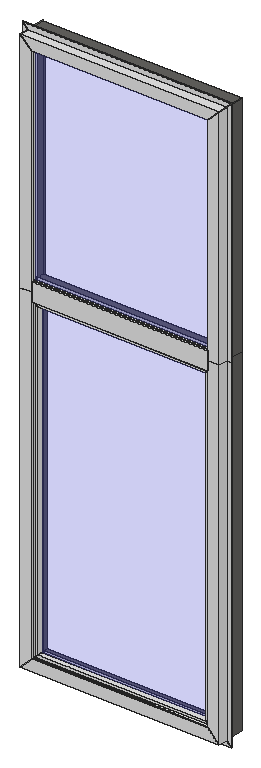
Revit family "511_CA_HL-U_3-875-Nailfin", category Windows, host Wall, Revit 2019
Family settings
  Host = Wall
  OmniClass Number = 23.30.20.00
  OmniClass Title = Windows
  Always vertical = Yes
  Cut with Voids When Loaded = No
  Shared = No
  Room Calculation Point = No
Parameters (values of type "42x120Max")
  Setback [instance] = 2"
  MLW3 = 1 / 8 * Width  # 5 1/4"
  MLW2 = 3.563"
  MLW1 = 3.188"
  MLH = 1 / 2 * Bar set  # 36"
  Interior Color [instance] = White
  Height = 120"
  HWB [instance] = no
  HBWidth [instance] = if(HWB, 2", 7" / 16)  # 7/16"
  Exterior Color [instance] = Bronze
  Default Sill Height = 31.49606"
  Wall Closure = By host
  Width = 42"
  Bar set = 72"
Types (32): name | MLW3 | MLW2 | MLH | Height | Exterior Color | Width | Bar set
  (no name) | 5 1/4" | 3.563" | 36" | 120" | Bronze | 42" | 72"
  15.75x31Min | 1 31/32" | 3.563" | 10 1/2" | 31" | White | 15 3/4" | 21"
  36x72 | 4 1/2" | 3.563" | 27" | 72" | White | 36" | 54"
  42x120Max | 5 1/4" | 3.563" | 36" | 120" | Bronze | 42" | 72"
  24x48 | 3" | 3.563" | 15" | 48" | White | 24" | 30"
  24x36 | 3" | 3.563" | 12" | 36" | White | 24" | 24"
  24x42 | 3" | 3.563" | 15" | 42" | White | 24" | 30"
  24x54 | 3" | 3.563" | 18" | 54" | White | 24" | 36"
  24x60 | 3" | 2 9/16" | 21" | 60" | White | 24" | 42"
  30x36 | 3 3/4" | 3.563" | 12" | 36" | White | 30" | 24"
  30x42 | 3 3/4" | 3.563" | 15" | 42" | White | 30" | 30"
  30x48 | 3 3/4" | 3.563" | 18" | 48" | White | 30" | 36"
  30x54 | 3 3/4" | 3.563" | 21" | 54" | White | 30" | 42"
  30x60 | 3 3/4" | 3.563" | 21" | 60" | White | 30" | 42"
  30x66 | 3 3/4" | 3.563" | 24" | 66" | White | 30" | 48"
  30x72 | 3 3/4" | 3.563" | 27" | 72" | White | 30" | 54"
  30x78 | 3 3/4" | 3.563" | 30" | 78" | White | 30" | 60"
  30x90 | 3 3/4" | 3.563" | 33" | 90" | White | 30" | 66"
  30x96 | 3 3/4" | 3.563" | 36" | 96" | White | 30" | 72"
  36x42 | 4 1/2" | 3.563" | 15" | 42" | White | 36" | 30"
  36x48 | 4 1/2" | 3.563" | 15" | 48" | White | 36" | 30"
  36x54 | 4 1/2" | 3.563" | 18" | 54" | White | 36" | 36"
  36x60 | 4 1/2" | 3.563" | 21" | 60" | White | 36" | 42"
  36x66 | 4 1/2" | 3.563" | 24" | 66" | White | 36" | 48"
  36x78 | 4 1/2" | 3.563" | 30" | 78" | White | 36" | 60"
  36x84 | 4 1/2" | 3.563" | 30" | 84" | White | 36" | 60"
  36x90 | 4 1/2" | 3.563" | 30" | 90" | White | 36" | 60"
  36x96 | 4 1/2" | 3.563" | 30" | 96" | White | 36" | 60"
  36x102 | 4 1/2" | 3.563" | 30" | 102" | White | 36" | 60"
  36x108 | 4 1/2" | 3.563" | 30" | 108" | White | 36" | 60"
  36x114 | 4 1/2" | 3.563" | 30" | 114" | White | 36" | 60"
  30x84 | 3 3/4" | 3.563" | 30" | 84" | White | 30" | 60"
Reference planes (in)
  plane 1 "Center (Front/Back)": y = 0
  plane 2 "Center (Left/Right)": x = 0
  plane 3 "Left": x = -21
  plane 4 "Right": x = 21
  plane 5 "Sill": z = 31.49606
  plane 6 "Head": z = 151.49606
  plane 7 "Exterior": y = 3.93701
  plane 8 "Interior": y = -3.93701
  plane 9 "Front of wall": y = 3.93701
  plane 10 "Bar set": z = 103.49606
  plane 11: x = -15.938
  plane 12: x = 15.938
  plane 13: x = -18.2505
  plane 14: x = 18.2505
  plane 15: z = 34.24556
  plane 16: z = 101.15381
  plane 17: z = 105.15181
  plane 18: z = 149.43406
  plane 19: x = 17.8125
  plane 20: z = 103.71481
  plane 21: z = 103.27731
  plane 22: z = 100.69052
  plane 23: z = 34.68366
  plane 24 "Setback": y = 1.93701
Forms (in)
  Extrusion 1, solid, material "White" <- "Interior Color"
    sketch origin (0, 0, 151.49606) x (0, -1, 0) y (1, 0, 0)
      loop
        line (-2.01666, -21) -> (-2.01666, -22.12015) -> (-1.93701, -22.12015) -> (-1.93701, -21) -> (0.09918, -21) -> (0.09918, -18.63523) -> (-0.2742, -18.63523) -> (-0.2742, -18.44804) -> (-0.52362, -18.44804) -> (-0.52362, -18.94589) -> (-1.26492, -18.94589) -> (-1.26492, -18.4447) -> (-2.79125, -18.4447) -> (-2.79125, -20.35071) -> (-5.87497, -20.56998) -> (-5.87497, -21) -> (-2.01666, -21)
    from 1.12015 to -48
  Extrusion 2, solid, material "White" <- "Interior Color"
    sketch origin (0, 0, 151.49606) x (0, -1, 0) y (1, 0, 0)
      loop
        line (-2.01666, 21) -> (-5.87497, 21) -> (-5.87497, 20.56998) -> (-2.79125, 20.35071) -> (-2.79125, 18.4447) -> (-1.26492, 18.4447) -> (-1.26492, 18.94589) -> (-0.52362, 18.94589) -> (-0.52362, 18.44804) -> (-0.2742, 18.44804) -> (-0.2742, 18.63523) -> (0.09918, 18.63523) -> (0.09918, 21) -> (-1.93701, 21) -> (-1.93701, 22.12015) -> (-2.01666, 22.12015) -> (-2.01666, 21)
    from 1.12015 to -48
  Extrusion 3, solid, material "White" <- "Interior Color"
    sketch origin (0, 0, 31.49606) x (0, -1, 0) y (1, 0, 0)
      loop
        line (-2.01671, -21) -> (-2.01671, -22.12086) -> (-1.93701, -22.12086) -> (-1.93701, -21) -> (0.10047, -21) -> (0.10047, -18.63374) -> (-0.27315, -18.63374) -> (-0.27315, -18.44643) -> (-0.60094, -18.44643) -> (-0.60094, -17.76245) -> (-1.48518, -17.76245) -> (-1.48518, -18.26061) -> (-2.22694, -18.26061) -> (-2.22694, -17.82423) -> (-3.00208, -17.82423) -> (-3.00208, -18.38515) -> (-3.04193, -18.38515) -> (-3.04193, -20.36853) -> (-5.87746, -20.57016) -> (-5.87746, -21) -> (-2.01671, -21)
    from -1.12086 to 72
  Extrusion 4, solid, material "White" <- "Interior Color"
    sketch origin (0, 0, 31.49606) x (0, -1, 0) y (1, 0, 0)
      loop
        line (-2.01671, 21) -> (-5.87746, 21) -> (-5.87746, 20.57016) -> (-3.04193, 20.36853) -> (-3.04193, 18.38515) -> (-3.00208, 18.38515) -> (-3.00208, 17.82423) -> (-2.22694, 17.82423) -> (-2.22694, 18.26061) -> (-1.48518, 18.26061) -> (-1.48518, 17.76245) -> (-0.60094, 17.76245) -> (-0.60094, 18.44643) -> (-0.27315, 18.44643) -> (-0.27315, 18.63374) -> (0.10047, 18.63374) -> (0.10047, 21) -> (-1.93701, 21) -> (-1.93701, 22.12086) -> (-2.01671, 22.12086) -> (-2.01671, 21)
    from -1.12086 to 72
  Extrusion 5, solid, material "White" <- "Interior Color"
    sketch origin (0, 0, 0) x (0, -1, 0) y (0, 0, 1)
      loop
        line (-2.01671, 31.49606) -> (-2.01671, 30.3752) -> (-1.93701, 30.3752) -> (-1.93701, 31.49606) -> (0.10047, 31.49606) -> (0.10047, 33.86233) -> (-0.27315, 33.86233) -> (-0.27315, 34.04963) -> (-0.60094, 34.04963) -> (-0.60094, 34.73361) -> (-1.48518, 34.73361) -> (-1.48518, 34.23545) -> (-2.22694, 34.23545) -> (-2.22694, 34.67184) -> (-3.00208, 34.67184) -> (-3.00208, 34.11091) -> (-3.04193, 34.11091) -> (-3.04193, 32.12753) -> (-5.87746, 31.92591) -> (-5.87746, 31.49606) -> (-2.01671, 31.49606)
    from -22.12086 to 22.12086
  Extrusion 6, solid, material "White" <- "Interior Color"
    sketch origin (0, 0, 0) x (0, -1, 0) y (0, 0, 1)
      loop
        line (-2.01666, 151.49606) -> (-5.87497, 151.49606) -> (-5.87497, 151.06604) -> (-2.79125, 150.84677) -> (-2.79125, 148.94077) -> (-1.26492, 148.94077) -> (-1.26492, 149.44195) -> (-0.52362, 149.44195) -> (-0.52362, 148.94411) -> (-0.2742, 148.94411) -> (-0.2742, 149.1313) -> (0.09918, 149.1313) -> (0.09918, 151.49606) -> (-1.93701, 151.49606) -> (-1.93701, 152.61622) -> (-2.01666, 152.61622) -> (-2.01666, 151.49606)
    from -22.12015 to 22.12015
  Extrusion 7, solid, material "White" <- "Interior Color"
    sketch origin (0, 0, 0) x (0, -1, 0) y (0, 0, 1)
      loop
        line (0.09918, 101.52731) -> (0.09918, 105.46427) -> (-0.2742, 105.46427) -> (-0.2742, 105.65281) -> (-0.52362, 105.65281) -> (-0.52362, 105.15181) -> (-1.26492, 105.15181) -> (-1.26492, 105.65517) -> (-2.79125, 105.65517) -> (-2.79125, 103.71481) -> (-3.39494, 103.658) -> (-3.39494, 103.33412) -> (-3.04193, 103.28451) -> (-3.04193, 101.27781) -> (-3.00208, 101.27781) -> (-3.00208, 100.71481) -> (-2.22694, 100.71481) -> (-2.22694, 101.15381) -> (-1.48518, 101.15381) -> (-1.48518, 100.65281) -> (-0.60094, 100.65281) -> (-0.60094, 101.33931) -> (-0.27315, 101.33931) -> (-0.27315, 101.52731) -> (0.09918, 101.52731)
    from -21 to 21
  Sweep 8, void
    path in 3D
      loop
        line (16.58359, 8.31257, 151.49606) -> (16.58359, 1.93701, 151.49606)
    profile origin (16.58359, 5.12479, 151.49606) x (1, 0, 0) y (0, 0, 1)
      loop
        line (5.8495, 1.43309) -> (1.01712, 1.43309) -> (1.01712, -2.5553) -> (3.76712, -2.5553) -> (3.76712, -0.64929) -> (5.8495, 1.43309)
  Sweep 9, void
    path in 3D
      loop
        line (16.58359, 8.31257, 151.49606) -> (16.58359, 1.93701, 151.49606)
    profile origin (16.58359, 5.12479, 151.49606) x (1, 0, 0) y (0, 0, 1)
      loop
        line (6.01431, 1.5979) -> (3.76712, -0.64929) -> (3.76712, -2.9021) -> (6.01431, -2.9021) -> (6.01431, 1.5979)
  Sweep 10, void
    path in 3D
      loop
        line (-20.3504, 7.9781, 151.49606) -> (-20.3504, 1.93701, 151.49606)
    profile origin (-20.3504, 4.95756, 151.49606) x (1, 0, 0) y (0, 0, 1)
      loop
        line (-2.22364, 1.57404) -> (-0.00031, -0.64929) -> (-0.00031, -2.5553) -> (2.901, -2.5553) -> (2.901, 1.57404) -> (-2.22364, 1.57404)
  Sweep 11, void
    path in 3D
      loop
        line (-20.3504, 7.9781, 151.49606) -> (-20.3504, 1.93701, 151.49606)
    profile origin (-20.3504, 4.95756, 151.49606) x (1, 0, 0) y (0, 0, 1)
      loop
        line (-2.2475, 1.5979) -> (-2.2475, -3.02629) -> (-0.00031, -3.02629) -> (-0.00031, -0.64929) -> (-2.2475, 1.5979)
  Sweep 12, void
    path in 3D
      loop
        line (-16.49435, 7.79467, 103.49606) -> (-16.49435, 1.93701, 103.49606)
    profile origin (-16.49435, 4.86584, 103.49606) x (1, 0, 0) y (0, 0, 1)
      loop
        line (-0.6725, -2.78125) -> (-0.6725, 2.1591) -> (-3.85636, 2.1591) -> (-3.85636, -0.25269) -> (-1.89081, -2.21825) -> (-1.89081, -2.78125) -> (-0.6725, -2.78125)
  Sweep 13, void
    path in 3D
      loop
        line (-16.49435, 7.79467, 103.49606) -> (-16.49435, 1.93701, 103.49606)
    profile origin (-16.49435, 4.86584, 103.49606) x (1, 0, 0) y (0, 0, 1)
      loop
        line (-1.89081, -3.91194) -> (-1.89081, -2.21825) -> (-4.07563, -0.03343) -> (-4.07563, 4.77556) -> (-7.68747, 4.77556) -> (-7.68747, -3.91194) -> (-1.89081, -3.91194)
  Sweep 14, void
    path in 3D
      loop
        line (20.08359, 7.18701, 103.49606) -> (20.08359, 1.93701, 103.49606)
    profile origin (20.08359, 4.56201, 103.49606) x (1, 0, 0) y (0, 0, 1)
      loop
        line (-2.98569, -2.78125) -> (-1.69844, -2.78125) -> (-1.69844, -2.2086) -> (0.26712, -0.24304) -> (0.26712, 2.1591) -> (-2.98569, 2.1591) -> (-2.98569, -2.78125)
  Sweep 15, void
    path in 3D
      loop
        line (20.08359, 7.18701, 103.49606) -> (20.08359, 1.93701, 103.49606)
    profile origin (20.08359, 4.56201, 103.49606) x (1, 0, 0) y (0, 0, 1)
      loop
        line (-1.69844, -3.41279) -> (3.09822, -3.41279) -> (3.09822, 2.66552) -> (0.34822, 2.66552) -> (0.34822, -0.16194) -> (-1.69844, -2.2086) -> (-1.69844, -3.41279)
  Sweep 16, void
    path in 3D
      loop
        line (20.58359, 7.77333, 31.49606) -> (20.58359, 1.93701, 31.49606)
    profile origin (20.58359, 4.85517, 31.49606) x (1, 0, 0) y (0, 0, 1)
      loop
        line (2.33636, -1.91995) -> (-2.19844, 2.61485) -> (-2.19844, 3.17577) -> (-4.5599, 3.17577) -> (-4.5599, -1.91995) -> (2.33636, -1.91995)
  Sweep 17, void
    path in 3D
      loop
        line (20.58359, 7.77333, 31.49606) -> (20.58359, 1.93701, 31.49606)
    profile origin (20.58359, 4.85517, 31.49606) x (1, 0, 0) y (0, 0, 1)
      loop
        line (2.79191, -2.3755) -> (2.79191, 5.6245) -> (-2.19844, 5.6245) -> (-2.19844, 2.61485) -> (2.79191, -2.3755)
  Sweep 18, void
    path in 3D
      loop
        line (-15.938, 7.79467, 31.49606) -> (-15.938, 1.93701, 31.49606)
    profile origin (-15.938, 4.86584, 31.49606) x (1, 0, 0) y (0, 0, 1)
      loop
        line (-2.44715, 2.61485) -> (-7.4375, -2.3755) -> (0.0625, -2.3755) -> (0.0625, 3.17577) -> (-2.44715, 3.17577) -> (-2.44715, 2.61485)
  Sweep 19, void
    path in 3D
      loop
        line (-15.938, 7.79467, 31.49606) -> (-15.938, 1.93701, 31.49606)
    profile origin (-15.938, 4.86584, 31.49606) x (1, 0, 0) y (0, 0, 1)
      loop
        line (-7.69715, -2.63515) -> (-2.44715, 2.61485) -> (-2.44715, 5.3745) -> (-7.69715, 5.3745) -> (-7.69715, -2.63515)
  Extrusion 20, void
    sketch origin (0, 3.93701, 0) x (1, 0, 0) y (0, 0, 1)
      loop
        line (-23.45496, 153.95103) -> (-18.63523, 149.1313) -> (-18.63523, 148.94411) -> (-17.96944, 148.94411) -> (-17.96944, 153.95103) -> (-23.45496, 153.95103)
    from 6.71345 to 2
  Extrusion 21, void
    sketch origin (0, 3.93701, 0) x (1, 0, 0) y (0, 0, 1)
      loop
        line (-23.49016, 153.98622) -> (-23.49016, 147.42342) -> (-18.63523, 147.42342) -> (-18.63523, 149.1313) -> (-23.49016, 153.98622)
    from 2 to 5.30658
  Extrusion 22, void
    sketch origin (0, 3.93701, 0) x (1, 0, 0) y (0, 0, 1)
      loop
        line (23, 153.49606) -> (17.93613, 153.49606) -> (17.93613, 148.94411) -> (18.63523, 148.94411) -> (18.63523, 149.1313) -> (23, 153.49606)
    from 6.25716 to 2
  Extrusion 23, void
    sketch origin (0, 3.93701, 0) x (1, 0, 0) y (0, 0, 1)
      loop
        line (23.9093, 154.40537) -> (18.63523, 149.1313) -> (18.63523, 148.07544) -> (23.9093, 148.07544) -> (23.9093, 154.40537)
    from 8.25566 to 2
  Extrusion 24, void
    sketch origin (0, 3.93701, 0) x (1, 0, 0) y (0, 0, 1)
      loop
        line (-16.937, 105.65281) -> (-18.63374, 105.65281) -> (-18.63374, 101.33931) -> (-18.44643, 101.33931) -> (-16.937, 99.82988) -> (-16.937, 105.65281)
    from 2.18845 to 5.85482
  Extrusion 25, void
    sketch origin (0, 3.93701, 0) x (1, 0, 0) y (0, 0, 1)
      loop
        line (-18.63374, 106.15517) -> (-21.59601, 106.15517) -> (-21.59601, 99.74832) -> (-16.85544, 99.74832) -> (-18.44643, 101.33931) -> (-18.63374, 101.33931) -> (-18.63374, 106.15517)
    from 8.44599 to 2.18845
  Extrusion 26, void
    sketch origin (0, 3.93701, 0) x (1, 0, 0) y (0, 0, 1)
      loop
        line (16.625, 105.65281) -> (16.625, 99.51788) -> (18.44643, 101.33931) -> (18.63374, 101.33931) -> (18.63374, 105.65281) -> (16.625, 105.65281)
    from 4.6849 to 2
  Extrusion 27, void
    sketch origin (0, 3.93701, 0) x (1, 0, 0) y (0, 0, 1)
      loop
        line (18.63374, 107.5702) -> (18.63374, 101.33931) -> (18.44643, 101.33931) -> (16.50188, 99.39477) -> (22.99246, 99.39477) -> (22.99246, 107.5702) -> (18.63374, 107.5702)
    from 7.00287 to 2
  Extrusion 28, void
    sketch origin (0, 3.93701, 0) x (1, 0, 0) y (0, 0, 1)
      loop
        line (16.63515, 35.86091) -> (16.63515, 29.04963) -> (23.44643, 29.04963) -> (18.63374, 33.86233) -> (18.63374, 34.04963) -> (18.44643, 34.04963) -> (16.63515, 35.86091)
    from 2 to 6.17432
  Extrusion 29, void
    sketch origin (0, 3.93701, 0) x (1, 0, 0) y (0, 0, 1)
      loop
        line (-16.80698, 35.68908) -> (-18.44643, 34.04963) -> (-18.63374, 34.04963) -> (-18.63374, 33.86233) -> (-23.11905, 29.37701) -> (-16.80698, 29.37701) -> (-16.80698, 35.68908)
    from 6.88763 to 2
  Extrusion 30, void
    sketch origin (0, 3.93701, 0) x (1, 0, 0) y (0, 0, 1)
      loop
        line (-18.63374, 34.04963) -> (-18.44643, 34.04963) -> (-17.11343, 35.38264) -> (-23.34332, 35.38264) -> (-23.34332, 29.15274) -> (-18.63374, 33.86233) -> (-18.63374, 34.04963)
    from 7.04873 to 2
  Extrusion 31, solid, material "Glass"
    sketch origin (0, 0, 0) x (0, -1, 0) y (0, 0, 1)
      loop
        line (-1.26492, 149.43406) -> (-1.26492, 105.15181) -> (-0.52362, 105.15181) -> (-0.52362, 149.43406) -> (-1.26492, 149.43406)
    from -18.94589 to 18.94589
  Extrusion 32, solid, material "Glass"
    sketch origin (0, 0, 0) x (0, -1, 0) y (0, 0, 1)
      loop
        line (-2.22694, 101.15381) -> (-2.22694, 34.24556) -> (-1.48518, 34.24556) -> (-1.48518, 101.15381) -> (-2.22694, 101.15381)
    from -18.2505 to 18.2505
  Extrusion 33, void
    sketch origin (0, 3.93701, 0) x (1, 0, 0) y (0, 0, 1)
      loop
        line (23.12111, 29.37495) -> (23.12111, 35.55906) -> (16.937, 35.55906) -> (18.44643, 34.04963) -> (18.63374, 34.04963) -> (18.63374, 33.86233) -> (23.12111, 29.37495)
    from 2 to 5.7995
Cuts and joins
  Sweep 8, Sweep 14, Extrusion 22, Extrusion 26 cuts Extrusion 2
  Sweep 9, Sweep 11, Extrusion 21, Extrusion 23 cuts Extrusion 6
  Sweep 10, Sweep 12, Extrusion 20, Extrusion 24 cuts Extrusion 1
  Sweep 12, Sweep 18, Extrusion 24, Extrusion 29 cuts Extrusion 3
  Sweep 13, Sweep 15, Extrusion 25, Extrusion 27 cuts Extrusion 7
  Sweep 14, Sweep 16, Extrusion 26, Extrusion 28 cuts Extrusion 4
  Sweep 17, Sweep 19, Extrusion 30, Extrusion 33 cuts Extrusion 5
Lines and regions (in)
  Opening 1
    outline origin (137.79528, -3.93701, 0) x (1, 0, 0) y (0, 0, 1)
      loop
        line (-116.79528, 31.49606) -> (-116.79528, 151.49606) -> (-158.79528, 151.49606) -> (-158.79528, 31.49606) -> (-116.79528, 31.49606)
  reference lines
    curve 1: line (-20.3504, 7.9781, 151.49606) -> (-20.3504, 1.93701, 151.49606)
    curve 2: line (-16.49435, 7.79467, 103.49606) -> (-16.49435, 1.93701, 103.49606)
    curve 3: line (-15.938, 7.79467, 31.49606) -> (-15.938, 1.93701, 31.49606)
    curve 4: line (16.58359, 8.31257, 151.49606) -> (16.58359, 1.93701, 151.49606)
    curve 5: line (20.08359, 7.18701, 103.49606) -> (20.08359, 1.93701, 103.49606)
    curve 6: line (20.58359, 7.77333, 31.49606) -> (20.58359, 1.93701, 31.49606)
    curve 19: line (2.5, 3.93701, 129.99606) -> (-2.5, 3.93701, 129.99606)
    curve 20: line (2.5, 3.93701, 124.99606) -> (2.5, 3.93701, 129.99606)
    curve 21: line (-2.5, 3.93701, 124.99606) -> (2.5, 3.93701, 124.99606)
    curve 22: line (-2.5, 3.93701, 129.99606) -> (-2.5, 3.93701, 124.99606)
    curve 26: line (0, 3.93701, 124.99606) -> (0, 3.93701, 131.49606)
    curve 27: line (2.5, 3.93701, 127.49606) -> (-0.8041, 3.93701, 127.49606)
    curve 28: line (2.5, 0, 129.99606) -> (-2.5, 0, 129.99606)
    curve 29: line (2.5, 0, 124.99606) -> (2.5, 0, 129.99606)
    curve 30: line (-2.5, 0, 124.99606) -> (2.5, 0, 124.99606)
    curve 31: line (-2.5, 0, 129.99606) -> (-2.5, 0, 124.99606)
    curve 32: line (0, 0, 124.99606) -> (0, 0, 132.49606)
    curve 33: line (2.5, 0, 127.49606) -> (-4.5, 0, 127.49606)
    curve 37: line (-17.812, 3.93701, 100.69052) -> (17.8125, 3.93701, 67.49606)
    curve 38: line (17.8125, 3.93701, 67.49606) -> (-17.812, 3.93701, 34.68366)
  sketch lines
    curve 7: line (16.58359, 8.31257, 151.49606) -> (16.58359, 1.93701, 151.49606)
    curve 8: line (16.58359, 8.31257, 151.49606) -> (16.58359, 1.93701, 151.49606)
    curve 9: line (-20.3504, 7.9781, 151.49606) -> (-20.3504, 1.93701, 151.49606)
    curve 10: line (-20.3504, 7.9781, 151.49606) -> (-20.3504, 1.93701, 151.49606)
    curve 11: line (-16.49435, 7.79467, 103.49606) -> (-16.49435, 1.93701, 103.49606)
    curve 12: line (-16.49435, 7.79467, 103.49606) -> (-16.49435, 1.93701, 103.49606)
    curve 13: line (20.08359, 7.18701, 103.49606) -> (20.08359, 1.93701, 103.49606)
    curve 14: line (20.08359, 7.18701, 103.49606) -> (20.08359, 1.93701, 103.49606)
    curve 15: line (20.58359, 7.77333, 31.49606) -> (20.58359, 1.93701, 31.49606)
    curve 16: line (20.58359, 7.77333, 31.49606) -> (20.58359, 1.93701, 31.49606)
    curve 17: line (-15.938, 7.79467, 31.49606) -> (-15.938, 1.93701, 31.49606)
    curve 18: line (-15.938, 7.79467, 31.49606) -> (-15.938, 1.93701, 31.49606)
  model lines
    curve 23: line (2.5, 1.93701, 129.99606) -> (-2.5, 1.93701, 124.99606)
    curve 24: line (-2.5, 1.93701, 127.49606) -> (0, 1.93701, 129.99606)
    curve 25: line (0, 1.93701, 124.99606) -> (2.5, 1.93701, 127.49606)
    curve 41: line (-17.812, 1.93701, 100.69052) -> (17.8125, 1.93701, 67.49606)
    curve 42: line (17.8125, 1.93701, 67.49606) -> (-17.812, 1.93701, 34.68366)
  symbolic lines
    curve 34: line (0, 0, 124.99606) -> (2.5, 0, 127.49606)
    curve 35: line (0, 0, 129.99606) -> (-2.5, 0, 127.49606)
    curve 36: line (-2.5, 0, 124.99606) -> (2.5, 0, 129.99606)
    curve 39: line (-17.812, 3.93701, 100.69052) -> (17.8125, 3.93701, 67.49606)
    curve 40: line (17.8125, 3.93701, 67.49606) -> (-17.812, 3.93701, 34.68366)
Text (in)
  text "EXTERIOR" at (-77.29147, 52.45485, 0), in view "Ref. Level"
  text "INTERIOR" at (-78.01048, -32.21994, 0), in view "Ref. Level"
  text "Exterior" at (0, 36.36817, 115.8778), in view "Right"
  text "Exterior" at (0, 40.96394, 105.72475), in view "Left"
Dimensions and locks (in)
  equal spacing: plane 3 "Left", plane 2 "Center (Left/Right)", plane 4 "Right"
  "Width": plane 3 "Left" to plane 4 "Right"
  "Height": plane 5 "Sill" to plane 6 "Head"
  "Default Sill Height": plane 5 "Sill" to level
  locked: plane 7 "Exterior" to host wall at 0
  locked: plane 8 "Interior" to host wall
  "Bar set": plane 5 "Sill" to plane 10 "Bar set"
  locked: plane 14 to plane 4 "Right" at 2.7495
  locked: plane 3 "Left" to plane 13 at 2.7495
  locked: plane 18 to plane 6 "Head" at 2.062
  locked: plane 5 "Sill" to plane 15 at 2.7495
  locked: plane 19 to plane 4 "Right" at 3.1875
  equal spacing: curve 24, curve 23, curve 25
  locked: curve 20 to curve 22 at 5
  locked: curve 21 to curve 19 at 5
  equal spacing: curve 22, curve 26, curve 20
  equal spacing: curve 21, curve 27, curve 19
  equal spacing: plane 3 "Left", curve 26, plane 4 "Right"
  equal spacing: plane 10 "Bar set", curve 27, plane 6 "Head"
  locked: curve 29 to curve 31 at 5
  locked: curve 30 to curve 28 at 5
  equal spacing: curve 31, curve 32, curve 29
  equal spacing: curve 30, curve 33, curve 28
  locked: curve 31 to curve 35 at 2.5
  locked: curve 31 to curve 34 at 2.5
  locked: curve 34 to curve 30 at 2.5
  locked: curve 35 to curve 30 at 2.5
  locked: curve 29 to curve 36 at 5
  equal spacing: plane 3 "Left", curve 32, plane 4 "Right"
  equal spacing: plane 6 "Head", curve 33, plane 10 "Bar set"
  equal spacing: plane 21, plane 10 "Bar set", plane 20
  "HBWidth": plane 21 to plane 20
  locked: plane 20 to plane 17 at 1.437
  locked: plane 21 to plane 16 at 2.1235
  Extrusion 7 sketch curve to plane 21 = 0.0072"
  locked: Extrusion 7 sketch curve to plane 20 at 0.05681
  locked: Extrusion 7 sketch curve to plane 21 at 0.05681
  locked: plane 21 to Extrusion 7 sketch curve at 1.9995
  locked: plane 21 to Extrusion 7 sketch curve at 2.5625
  locked: plane 21 to Extrusion 7 sketch curve at 2.6245
  locked: plane 21 to Extrusion 7 sketch curve at 1.938
  locked: plane 21 to Extrusion 7 sketch curve at 1.75
  locked: plane 20 to Extrusion 7 sketch curve at 1.94035
  locked: plane 20 to Extrusion 7 sketch curve at 1.938
  locked: plane 20 to Extrusion 7 sketch curve at 1.74945
  locked: plane 20 to Sweep 14 sketch curve at 1.94035
  locked: Sweep 14 sketch curve to plane 21 at 1.98985
  locked: Sweep 14 sketch curve to plane 21 at 2.5625
  locked: Sweep 14 sketch curve to plane 4 "Right" at 3.9021
  locked: Sweep 14 sketch curve to plane 4 "Right" at 0.64929
  locked: Sweep 14 sketch curve to plane 4 "Right" at 2.61485
  locked: plane 21 to Sweep 15 sketch curve at 0.05681
  locked: plane 20 to Sweep 15 sketch curve at 2.44677
  locked: Sweep 15 sketch curve to plane 21 at 3.19404
  locked: Sweep 15 sketch curve to plane 21 at 1.98985
  locked: Sweep 15 sketch curve to plane 4 "Right" at 0.56819
  locked: Sweep 15 sketch curve to plane 4 "Right" at 2.61485
  locked: plane 4 "Right" to Sweep 15 sketch curve at 2.18181
  locked: plane 21 to Sweep 13 sketch curve at 0.18532
  locked: Sweep 13 sketch curve to plane 21 at 1.9995
  locked: Sweep 13 sketch curve to plane 21 at 3.69319
  locked: plane 20 to Sweep 13 sketch curve at 4.55681
  locked: Sweep 13 sketch curve to plane 3 "Left" at 3.18181
  locked: plane 3 "Left" to Sweep 13 sketch curve at 0.43002
  locked: plane 3 "Left" to Sweep 13 sketch curve at 2.61485
  locked: plane 20 to Sweep 12 sketch curve at 1.94035
  locked: Sweep 12 sketch curve to plane 21 at 1.9995
  locked: Sweep 12 sketch curve to plane 21 at 2.5625
  locked: plane 3 "Left" to Sweep 12 sketch curve at 0.64929
  locked: plane 3 "Left" to Sweep 12 sketch curve at 3.83315
  locked: plane 3 "Left" to Sweep 12 sketch curve at 2.61485
  locked: plane 21 to Extrusion 24 sketch curve at 1.938
  locked: plane 21 to Extrusion 24 sketch curve at 3.44743
  locked: Extrusion 24 sketch curve to plane 20 at 1.938
  locked: plane 3 "Left" to Extrusion 24 sketch curve at 4.063
  locked: plane 3 "Left" to Extrusion 24 sketch curve at 2.36626
  locked: plane 3 "Left" to Extrusion 24 sketch curve at 2.55357
  locked: Extrusion 25 sketch curve to plane 20 at 2.44035
  locked: plane 21 to Extrusion 25 sketch curve at 3.52899
  locked: plane 21 to Extrusion 25 sketch curve at 1.938
  locked: Extrusion 25 sketch curve to plane 3 "Left" at 0.59601
  locked: plane 3 "Left" to Extrusion 25 sketch curve at 2.36626
  locked: plane 3 "Left" to Extrusion 25 sketch curve at 4.14456
  locked: Extrusion 26 sketch curve to plane 20 at 1.938
  locked: plane 21 to Extrusion 26 sketch curve at 3.75943
  locked: plane 21 to Extrusion 26 sketch curve at 1.938
  locked: Extrusion 26 sketch curve to plane 4 "Right" at 2.36626
  locked: Extrusion 26 sketch curve to plane 4 "Right" at 4.375
  locked: Extrusion 26 sketch curve to plane 4 "Right" at 2.55357
  locked: plane 21 to Extrusion 27 sketch curve at 1.938
  locked: plane 21 to Extrusion 27 sketch curve at 3.88254
  locked: Extrusion 27 sketch curve to plane 20 at 3.85538
  locked: plane 4 "Right" to Extrusion 27 sketch curve at 1.99246
  locked: Extrusion 27 sketch curve to plane 4 "Right" at 2.36626
  locked: Extrusion 27 sketch curve to plane 4 "Right" at 4.49812
  locked: Extrusion 27 sketch curve to plane 4 "Right" at 2.55357
  locked: plane 22 to plane 21 at 2.5868
  "MLW1": plane 3 "Left" to curve 37
  locked: plane 5 "Sill" to plane 23 at 3.18759
  "MLW1": plane 3 "Left" to curve 38
  equal spacing: plane 5 "Sill", curve 38, plane 10 "Bar set"
  locked: Extrusion 2 sketch curve to plane 24 "Setback" at 0.07966
  locked: Extrusion 2 sketch curve to plane 24 "Setback" at 3.93796
  locked: Extrusion 2 sketch curve to plane 24 "Setback" at 0.85425
  locked: plane 24 "Setback" to Extrusion 2 sketch curve at 0.67209
  locked: plane 24 "Setback" to Extrusion 2 sketch curve at 1.41338
  locked: plane 24 "Setback" to Extrusion 2 sketch curve at 1.6628
  locked: plane 24 "Setback" to Extrusion 2 sketch curve at 2.03619
  locked: Extrusion 2 sketch curve to plane 4 "Right" at 0.43002
  locked: Extrusion 2 sketch curve to plane 4 "Right" at 2.5553
  locked: Extrusion 2 sketch curve to plane 4 "Right" at 2.55196
  locked: Extrusion 1 sketch curve to plane 24 "Setback" at 0.85425
  locked: Extrusion 1 sketch curve to plane 24 "Setback" at 0.07966
  locked: Extrusion 1 sketch curve to plane 24 "Setback" at 3.93796
  locked: plane 24 "Setback" to Extrusion 1 sketch curve at 0.67209
  locked: plane 24 "Setback" to Extrusion 1 sketch curve at 1.6628
  locked: plane 24 "Setback" to Extrusion 1 sketch curve at 2.03619
  locked: plane 3 "Left" to Extrusion 1 sketch curve at 2.5553
  locked: plane 3 "Left" to Extrusion 1 sketch curve at 2.55196
  locked: plane 3 "Left" to Extrusion 1 sketch curve at 2.36477
  locked: plane 24 "Setback" to Extrusion 6 sketch curve at 2.03619
  locked: plane 24 "Setback" to Extrusion 6 sketch curve at 1.6628
  locked: plane 24 "Setback" to Extrusion 6 sketch curve at 1.41338
  locked: plane 24 "Setback" to Extrusion 6 sketch curve at 0.67209
  locked: Extrusion 6 sketch curve to plane 24 "Setback" at 0.07966
  locked: Extrusion 6 sketch curve to plane 24 "Setback" at 0.85425
  locked: Extrusion 6 sketch curve to plane 24 "Setback" at 3.93796
  locked: Extrusion 6 sketch curve to plane 6 "Head" at 2.5553
  locked: Extrusion 6 sketch curve to plane 6 "Head" at 2.55196
  locked: Extrusion 4 sketch curve to plane 24 "Setback" at 0.07971
  locked: Extrusion 4 sketch curve to plane 24 "Setback" at 3.94045
  locked: Extrusion 4 sketch curve to plane 24 "Setback" at 1.10492
  locked: Extrusion 4 sketch curve to plane 24 "Setback" at 1.06507
  locked: Extrusion 4 sketch curve to plane 24 "Setback" at 0.28993
  locked: plane 24 "Setback" to Extrusion 4 sketch curve at 0.45183
  locked: plane 24 "Setback" to Extrusion 4 sketch curve at 1.33607
  locked: plane 24 "Setback" to Extrusion 4 sketch curve at 1.66386
  locked: plane 24 "Setback" to Extrusion 4 sketch curve at 2.03748
  locked: Extrusion 4 sketch curve to plane 4 "Right" at 3.17577
  locked: Extrusion 4 sketch curve to plane 4 "Right" at 3.23755
  locked: Extrusion 3 sketch curve to plane 24 "Setback" at 0.07971
  locked: plane 24 "Setback" to Extrusion 3 sketch curve at 2.03748
  locked: plane 24 "Setback" to Extrusion 3 sketch curve at 1.66386
  locked: plane 24 "Setback" to Extrusion 3 sketch curve at 1.33607
  locked: plane 24 "Setback" to Extrusion 3 sketch curve at 0.45183
  locked: Extrusion 3 sketch curve to plane 24 "Setback" at 0.28993
  locked: Extrusion 3 sketch curve to plane 24 "Setback" at 1.06507
  locked: Extrusion 3 sketch curve to plane 24 "Setback" at 1.10492
  locked: Extrusion 3 sketch curve to plane 24 "Setback" at 3.94045
  locked: plane 3 "Left" to Extrusion 3 sketch curve at 3.17577
  locked: plane 3 "Left" to Extrusion 3 sketch curve at 3.23755
  locked: Extrusion 5 sketch curve to plane 24 "Setback" at 0.07971
  locked: plane 24 "Setback" to Extrusion 5 sketch curve at 2.03748
  locked: plane 24 "Setback" to Extrusion 5 sketch curve at 1.66386
  locked: plane 24 "Setback" to Extrusion 5 sketch curve at 1.33607
  locked: plane 24 "Setback" to Extrusion 5 sketch curve at 0.45183
  locked: Extrusion 5 sketch curve to plane 24 "Setback" at 0.28993
  locked: Extrusion 5 sketch curve to plane 24 "Setback" at 1.06507
  locked: Extrusion 5 sketch curve to plane 24 "Setback" at 1.10492
  locked: Extrusion 5 sketch curve to plane 24 "Setback" at 3.94045
  locked: plane 5 "Sill" to Extrusion 5 sketch curve at 2.36626
  locked: plane 5 "Sill" to Extrusion 5 sketch curve at 2.55357
  locked: plane 5 "Sill" to Extrusion 5 sketch curve at 3.23755
  locked: plane 5 "Sill" to Extrusion 5 sketch curve at 3.17577
  locked: plane 5 "Sill" to Extrusion 5 sketch curve at 2.73939
  locked: Extrusion 32 sketch curve to plane 24 "Setback" at 0.28993
  locked: plane 24 "Setback" to Extrusion 32 sketch curve at 0.45183
  locked: plane 24 "Setback" to Extrusion 31 sketch curve at 0.67209
  locked: plane 24 "Setback" to Extrusion 31 sketch curve at 1.41338
  locked: Extrusion 7 sketch curve to plane 24 "Setback" at 0.28993
  locked: plane 24 "Setback" to Extrusion 7 sketch curve at 0.45183
  locked: plane 24 "Setback" to Extrusion 7 sketch curve at 1.33607
  locked: plane 24 "Setback" to Extrusion 7 sketch curve at 1.66386
  locked: plane 24 "Setback" to Extrusion 7 sketch curve at 2.03619
  locked: plane 24 "Setback" to Extrusion 7 sketch curve at 1.6628
  locked: plane 24 "Setback" to Extrusion 7 sketch curve at 1.41338
  locked: plane 24 "Setback" to Extrusion 7 sketch curve at 0.67209
  locked: Extrusion 7 sketch curve to plane 24 "Setback" at 0.85425
  locked: Extrusion 7 sketch curve to plane 24 "Setback" at 1.45793
  locked: Extrusion 7 sketch curve to plane 24 "Setback" at 1.10492
  locked: Extrusion 7 sketch curve to plane 24 "Setback" at 1.06507
  curve 4 to plane 24 "Setback" = 0"
  curve 4 to plane 24 "Setback" = 6.37556"
  curve 5 to plane 24 "Setback" = 0"
  curve 5 to plane 24 "Setback" = 5 1/4"
  curve 6 to plane 24 "Setback" = 0"
  curve 6 to plane 24 "Setback" = 5.83632"
  locked: curve 3 to plane 24 "Setback" at 0
  locked: curve 3 to plane 24 "Setback" at 5.85766
  locked: plane 24 "Setback" to Extrusion 29 at 4.88763
  locked: plane 24 "Setback" to Extrusion 30 at 5.04873
  locked: plane 24 "Setback" to Extrusion 33 at 3.7995
  plane 24 "Setback" to Extrusion 28 = 0"
  locked: plane 24 "Setback" to Extrusion 22 at 4.25716
  locked: plane 24 "Setback" to Extrusion 23 at 6.25566
  locked: plane 24 "Setback" to Extrusion 20 at 4.71345
  locked: curve 2 to plane 24 "Setback" at 0
  locked: curve 2 to plane 24 "Setback" at 5.85766
  locked: plane 24 "Setback" to Extrusion 26 at 2.6849
  locked: plane 24 "Setback" to Extrusion 27 at 5.00287
  locked: plane 24 "Setback" to Extrusion 24 at 0.18845
  locked: plane 24 "Setback" to Extrusion 25 at 6.44599
  locked: Extrusion 28 sketch curve to plane 4 "Right" at 2.36626
  locked: Extrusion 28 sketch curve to plane 4 "Right" at 2.55357
  locked: Extrusion 28 sketch curve to plane 5 "Sill" at 2.55357
  locked: Extrusion 28 sketch curve to plane 5 "Sill" at 2.36626
  locked: Extrusion 33 sketch curve to plane 4 "Right" at 2.36626
  locked: Extrusion 33 sketch curve to plane 4 "Right" at 2.55357
  locked: Extrusion 33 sketch curve to plane 5 "Sill" at 2.36626
  locked: Extrusion 33 sketch curve to plane 5 "Sill" at 2.55357
  locked: Extrusion 29 sketch curve to plane 5 "Sill" at 2.36626
  locked: Extrusion 29 sketch curve to plane 5 "Sill" at 2.55357
  locked: plane 3 "Left" to Extrusion 29 sketch curve at 2.55357
  locked: plane 3 "Left" to Extrusion 29 sketch curve at 2.36626
  locked: Extrusion 30 sketch curve to plane 5 "Sill" at 2.36626
  locked: plane 3 "Left" to Extrusion 30 sketch curve at 2.55357
  locked: plane 3 "Left" to Extrusion 30 sketch curve at 2.36626
  locked: Extrusion 30 sketch curve to plane 5 "Sill" at 2.55357
  locked: plane 3 "Left" to Extrusion 21 sketch curve at 2.36477
  locked: plane 6 "Head" to Extrusion 21 sketch curve at 2.36477
  locked: plane 6 "Head" to Extrusion 20 sketch curve at 2.36477
  locked: plane 3 "Left" to Extrusion 20 sketch curve at 2.36477
  locked: Extrusion 23 sketch curve to plane 4 "Right" at 2.36477
  locked: plane 6 "Head" to Extrusion 23 sketch curve at 2.36477
  locked: plane 6 "Head" to Extrusion 22 sketch curve at 2.36477
  locked: plane 6 "Head" to Extrusion 22 sketch curve at 2.55196
  locked: Extrusion 22 sketch curve to plane 4 "Right" at 2.36477
  locked: plane 3 "Left" to Sweep 19 sketch curve at 2.61485
  locked: plane 5 "Sill" to Sweep 19 sketch curve at 2.61485
  locked: plane 5 "Sill" to Sweep 18 sketch curve at 2.61485
  locked: plane 3 "Left" to Sweep 18 sketch curve at 2.61485
  locked: Sweep 17 sketch curve to plane 4 "Right" at 2.61485
  locked: plane 5 "Sill" to Sweep 17 sketch curve at 2.61485
  locked: Sweep 16 sketch curve to plane 4 "Right" at 2.61485
  locked: plane 5 "Sill" to Sweep 16 sketch curve at 2.61485
  locked: plane 24 "Setback" to Extrusion 24 at 3.85482
  locked: plane 24 "Setback" to Extrusion 25 at 0.18845
  locked: plane 4 "Right" to Sweep 8 sketch curve at 0.64929
  locked: Sweep 8 sketch curve to plane 6 "Head" at 0.64929
  locked: Sweep 8 sketch curve to plane 6 "Head" at 2.5553
  locked: plane 4 "Right" to Sweep 9 sketch curve at 0.64929
  locked: Sweep 9 sketch curve to plane 6 "Head" at 0.64929
  locked: Sweep 10 sketch curve to plane 3 "Left" at 0.64929
  locked: Sweep 10 sketch curve to plane 6 "Head" at 0.64929
  locked: Sweep 10 sketch curve to plane 6 "Head" at 2.5553
  locked: Sweep 11 sketch curve to plane 3 "Left" at 0.64929
  locked: Sweep 11 sketch curve to plane 6 "Head" at 0.64929
  "Setback": plane 24 "Setback" to plane 9 "Front of wall"
  plane 24 "Setback" to Extrusion 30 = 5.04873"
  Extrusion 29 to plane 24 "Setback" = 4.88763"
  Extrusion 33 to curve 6 = 2.53752"
  plane 24 "Setback" to Extrusion 33 = 3.7995"
  locked: plane 24 "Setback" to Extrusion 28 at 4.17432
  locked: curve 5 to plane 24 "Setback" at 0
  locked: curve 5 to plane 24 "Setback" at 5.25
  locked: curve 6 to plane 24 "Setback" at 0
  locked: curve 6 to plane 24 "Setback" at 5.83632
  locked: curve 4 to plane 24 "Setback" at 0
  locked: curve 4 to plane 24 "Setback" at 6.37556
  locked: plane 24 "Setback" to Extrusion 21 at 3.30658
  locked: curve 1 to plane 24 "Setback" at 0
  locked: curve 1 to plane 24 "Setback" at 6.0411
  locked: Extrusion 2 sketch curve to plane 4 "Right" at 2.36477
  locked: Extrusion 2 sketch curve to plane 4 "Right" at 2.05411
  locked: Extrusion 4 sketch curve to plane 4 "Right" at 2.36626
  locked: Extrusion 4 sketch curve to plane 4 "Right" at 0.63147
  locked: Extrusion 4 sketch curve to plane 4 "Right" at 2.61485
  locked: plane 3 "Left" to Extrusion 1 sketch curve at 0.43002
  locked: plane 3 "Left" to Extrusion 1 sketch curve at 0.64929
  locked: plane 3 "Left" to Extrusion 1 sketch curve at 2.05411
  locked: plane 4 "Right" to Sweep 8 sketch curve at 1.43309
  locked: plane 6 "Head" to Sweep 8 sketch curve at 1.43309
  locked: plane 6 "Head" to cut or joined group of Extrusion 2, Sweep 8, Sweep 14, Extrusion 22, Extrusion 26 at 1.12015
  locked: cut or joined group of Extrusion 6, Sweep 9, Sweep 11, Extrusion 21, Extrusion 23 to plane 4 "Right" at 1.12015
  locked: cut or joined group of Extrusion 6, Sweep 9, Sweep 11, Extrusion 21, Extrusion 23 to plane 3 "Left" at 1.12015
  locked: plane 6 "Head" to cut or joined group of Extrusion 1, Sweep 10, Sweep 12, Extrusion 20, Extrusion 24 at 1.12015
  locked: cut or joined group of Extrusion 5, Sweep 17, Sweep 19, Extrusion 30, Extrusion 33 to plane 3 "Left" at 1.12086
  locked: cut or joined group of Extrusion 3, Sweep 12, Sweep 18, Extrusion 24, Extrusion 29 to plane 5 "Sill" at 1.12086
  locked: cut or joined group of Extrusion 4, Sweep 14, Sweep 16, Extrusion 26, Extrusion 28 to plane 5 "Sill" at 1.12086
  locked: cut or joined group of Extrusion 5, Sweep 17, Sweep 19, Extrusion 30, Extrusion 33 to plane 4 "Right" at 1.12086
  locked: Sweep 18 sketch curve to plane 3 "Left" at 2.3755
  locked: Sweep 18 sketch curve to plane 5 "Sill" at 2.3755
  locked: Sweep 19 sketch curve to plane 3 "Left" at 2.63515
  locked: Sweep 19 sketch curve to plane 5 "Sill" at 2.63515
  locked: plane 5 "Sill" to Sweep 19 sketch curve at 5.3745
  locked: Sweep 8 sketch curve to plane 4 "Right" at 3.39929
  locked: Extrusion 31 to plane 4 "Right" at 2.05411
  locked: plane 3 "Left" to Extrusion 31 at 2.05411
  locked: Sweep 12 sketch curve to plane 21 at 0.03394
  locked: Sweep 14 sketch curve to plane 21 at 0.02429
  aligned and locked: plane 9 "Front of wall" to host wall
  aligned and locked: plane 16 to Extrusion 7 sketch curve
  aligned and locked: Extrusion 7 sketch curve to plane 17
  aligned and locked: Extrusion 7 to plane 4 "Right"
  aligned and locked: plane 3 "Left" to Extrusion 7
  aligned and locked: Extrusion 1 to plane 10 "Bar set"
  aligned and locked: Extrusion 2 to plane 10 "Bar set"
  aligned and locked: plane 10 "Bar set" to Extrusion 4
  aligned and locked: plane 10 "Bar set" to Extrusion 3
  aligned and locked: Extrusion 31 sketch curve to plane 17
  aligned and locked: Extrusion 31 sketch curve to plane 18
  aligned and locked: plane 16 to Extrusion 32 sketch curve
  aligned and locked: plane 15 to Extrusion 32 sketch curve
  aligned and locked: plane 13 to Extrusion 32
  aligned and locked: Extrusion 32 to plane 14
  aligned and locked: curve 19 to curve 22
  aligned and locked: curve 22 to curve 22
  aligned and locked: curve 20 to curve 20
  aligned and locked: curve 22 to curve 23
  aligned and locked: curve 23 to curve 19
  aligned and locked: curve 19 to curve 24
  aligned and locked: curve 22 to curve 24
  aligned and locked: curve 21 to curve 25
  aligned and locked: curve 20 to curve 25
  aligned and locked: curve 28 to curve 31
  aligned and locked: curve 31 to curve 31
  aligned and locked: curve 29 to curve 29
  aligned and locked: curve 31 to curve 35
  aligned and locked: curve 30 to curve 34
  aligned and locked: curve 29 to curve 34
  aligned and locked: curve 28 to curve 35
  aligned and locked: curve 29 to curve 36
  aligned and locked: curve 36 to curve 30
  aligned and locked: plane 20 to Extrusion 7 sketch curve
  aligned and locked: plane 19 to curve 38
  aligned and locked: plane 22 to curve 37
  aligned and locked: plane 23 to curve 38
  aligned and locked: curve 37 to curve 39
  aligned and locked: curve 37 to curve 41
  aligned and locked: curve 42 to curve 40
  aligned and locked: Extrusion 2 sketch curve to plane 24 "Setback"
  aligned and locked: Extrusion 2 sketch curve to plane 4 "Right"  (x2)
  aligned and locked: plane 24 "Setback" to Extrusion 1 sketch curve
  aligned and locked: Extrusion 1 sketch curve to plane 3 "Left"  (x2)
  aligned and locked: Extrusion 6 sketch curve to plane 24 "Setback"
  aligned and locked: Extrusion 6 sketch curve to plane 6 "Head"  (x2)
  aligned and locked: Extrusion 4 sketch curve to plane 4 "Right"  (x2)
  aligned and locked: Extrusion 4 sketch curve to plane 24 "Setback"
  aligned and locked: Extrusion 3 sketch curve to plane 3 "Left"  (x2)
  aligned and locked: plane 24 "Setback" to Extrusion 3 sketch curve
  aligned and locked: Extrusion 5 sketch curve to plane 5 "Sill"  (x2)
  aligned and locked: plane 24 "Setback" to Extrusion 5 sketch curve
  aligned and locked: plane 24 "Setback" to Extrusion 21
  aligned and locked: plane 24 "Setback" to Extrusion 22
  aligned and locked: plane 24 "Setback" to Extrusion 23
  aligned and locked: plane 24 "Setback" to Extrusion 20
  aligned and locked: plane 24 "Setback" to Extrusion 28
  aligned and locked: plane 24 "Setback" to Extrusion 27
  aligned and locked: plane 24 "Setback" to Extrusion 26
  aligned and locked: plane 24 "Setback" to Extrusion 33
  aligned and locked: plane 24 "Setback" to Extrusion 30
  aligned and locked: plane 24 "Setback" to Extrusion 29
Automatic sketch dimensions
  Sweep 9 sketch curve to profile plane = 2.9021"
  Sweep 9 sketch curve to Sweep 9 sketch curve = 2.24719"
  profile plane to Sweep 9 sketch curve = 1.5979"
  Sweep 10 sketch curve to Sweep 10 sketch curve = 2.90131"
  profile plane to Sweep 10 sketch curve = 2.22364"
  profile plane to Sweep 10 sketch curve = 1.57404"
  Sweep 11 sketch curve to profile plane = 3.02629"
  profile plane to Sweep 11 sketch curve = 2.2475"
  profile plane to Sweep 11 sketch curve = 1.5979"
  profile plane to Sweep 16 sketch curve = 4.5599"
  Sweep 16 sketch curve to Sweep 16 sketch curve = 0.56093"
  Sweep 16 sketch curve to profile plane = 2.33636"
  Sweep 16 sketch curve to profile plane = 1.91995"
  Sweep 17 sketch curve to Sweep 17 sketch curve = 3.00965"
  Sweep 17 sketch curve to profile plane = 2.79191"
  Sweep 17 sketch curve to profile plane = 2.3755"
  curve 19 to curve 26 = 1 1/2"
  plane 2 "Center (Left/Right)" to curve 27 = 0.8041"
  curve 28 to curve 32 = 2 1/2"
  curve 36 to curve 35 = 0"
  curve 33 to curve 28 = 2"
  curve 40 to plane 23 = 0"
  curve 39 to plane 22 = 0"
  curve 3 to plane 11 = 0"
  plane 4 "Right" to curve 6 = 0.41641"
  plane 11 to curve 2 = 0.55635"
  plane 4 "Right" to curve 5 = 0.91641"
  curve 1 to plane 3 "Left" = 0.6496"
  curve 4 to plane 12 = 0.64559"
  Extrusion 6 sketch curve to Extrusion 6 sketch curve = 0.18719"
  Extrusion 6 sketch curve to Extrusion 6 sketch curve = 0.50118"
  Extrusion 6 sketch curve to Extrusion 6 sketch curve = 0.21927"
  Extrusion 6 sketch curve to Extrusion 6 sketch curve = 0.43002"
  Extrusion 6 sketch curve to Extrusion 6 sketch curve = 1.12015"
  plane 3 "Left" to Opening 1 sketch curve = 0"
  plane 4 "Right" to Opening 1 sketch curve = 0"
  Opening 1 sketch curve to plane 5 "Sill" = 0"
  Opening 1 sketch curve to plane 6 "Head" = 0"
  Extrusion 1 sketch curve to Extrusion 1 sketch curve = 0.24942"
  Extrusion 1 sketch curve to Extrusion 1 sketch curve = 1.12015"
  plane 4 "Right" to Extrusion 2 sketch curve = 0.64929"
  Extrusion 2 sketch curve to plane 4 "Right" = 1.12015"
  Extrusion 4 sketch curve to plane 14 = 0.01011"
  Extrusion 4 sketch curve to plane 14 = 0.19593"
  Extrusion 4 sketch curve to Extrusion 4 sketch curve = 0.42984"
  Extrusion 4 sketch curve to plane 4 "Right" = 1.12086"
  plane 3 "Left" to Extrusion 20 sketch curve = 2.45496"
  Extrusion 20 sketch curve to plane 13 = 0.28106"
  Extrusion 20 sketch curve to Extrusion 20 sketch curve = 0.18719"
  Extrusion 20 sketch curve to plane 6 "Head" = 2.45496"
  plane 3 "Left" to Extrusion 21 sketch curve = 2.49016"
  plane 18 to Extrusion 21 sketch curve = 2.01064"
  Extrusion 21 sketch curve to plane 6 "Head" = 2.49016"
  Extrusion 22 sketch curve to plane 19 = 0.12363"
  Extrusion 22 sketch curve to plane 4 "Right" = 2"
  Extrusion 22 sketch curve to plane 6 "Head" = 2"
  plane 18 to Extrusion 23 sketch curve = 1.35862"
  Extrusion 23 sketch curve to plane 4 "Right" = 2.9093"
  Extrusion 23 sketch curve to plane 6 "Head" = 2.9093"
  plane 13 to Extrusion 25 sketch curve = 0.19593"
  plane 3 "Left" to Extrusion 29 sketch curve = 2.11905"
  plane 5 "Sill" to Extrusion 29 sketch curve = 2.11905"
  Extrusion 33 sketch curve to plane 4 "Right" = 2.12111"
  plane 5 "Sill" to Extrusion 33 sketch curve = 2.12111"
  Extrusion 33 sketch curve to plane 23 = 0.87541"
  Extrusion 3 sketch curve to Extrusion 3 sketch curve = 1.12086"
  Extrusion 3 sketch curve to Extrusion 3 sketch curve = 0.42984"
  Extrusion 3 sketch curve to Extrusion 3 sketch curve = 0.63147"
  Extrusion 3 sketch curve to Extrusion 3 sketch curve = 2.36626"
  Extrusion 3 sketch curve to Extrusion 3 sketch curve = 0.18731"
  Extrusion 3 sketch curve to Extrusion 3 sketch curve = 0.12454"
  Extrusion 3 sketch curve to Extrusion 3 sketch curve = 0.49816"
  Extrusion 5 sketch curve to plane 5 "Sill" = 0.42984"
  Extrusion 5 sketch curve to plane 5 "Sill" = 0.63147"
  Extrusion 5 sketch curve to Extrusion 5 sketch curve = 1.12086"
  Extrusion 5 sketch curve to Extrusion 5 sketch curve = 0.56093"
  plane 19 to Extrusion 33 sketch curve = 0.8755"
  Extrusion 29 sketch curve to plane 13 = 1.44352"
  Extrusion 29 sketch curve to plane 23 = 1.00543"
  plane 3 "Left" to Extrusion 30 sketch curve = 2.34332"
  plane 5 "Sill" to Extrusion 30 sketch curve = 2.34332"
  Extrusion 30 sketch curve to plane 13 = 1.13707"
  Extrusion 30 sketch curve to plane 23 = 0.69898"
  plane 2 "Center (Left/Right)" to curve 24 = 0"
  plane 2 "Center (Left/Right)" to curve 25 = 0"
  curve 23 to curve 24 = 2 1/2"
  curve 25 to curve 23 = 2 1/2"
  plane 19 to curve 42 = 0"
  curve 42 to plane 23 = 0"
  curve 41 to plane 22 = 0"
  curve 42 to plane 13 = 0.4385"
  plane 19 to Extrusion 28 sketch curve = 1.17735"
  Extrusion 28 sketch curve to plane 4 "Right" = 2.44643"
  plane 5 "Sill" to Extrusion 28 sketch curve = 2.44643"
  Extrusion 28 sketch curve to plane 23 = 1.17725"
  Sweep 18 sketch curve to Sweep 18 sketch curve = 2.50965"
  Sweep 18 sketch curve to Sweep 18 sketch curve = 0.56093"
